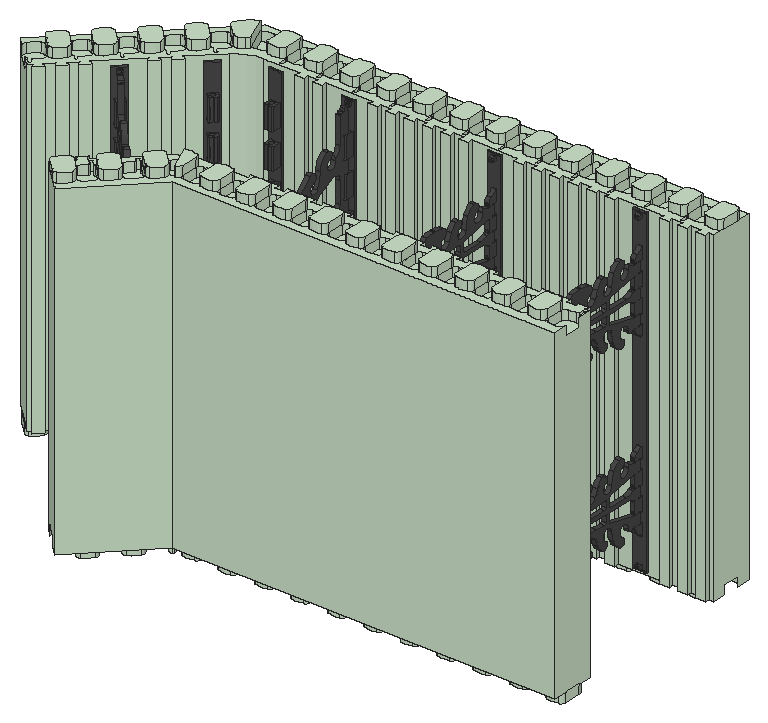
Revit family (continued)
Forms (in)
  Extrusion 49, void
    sketch origin (9.58579, -1, 0) x (-0.707107, -0.707107, 0) y (0.707107, -0.707107, 0)
      loop
        line (-1.57267, 7.19688) -> (-0.92131, 7.84824)
        arc (-0.92131, 7.84824) -> (-0.85114, 7.98608) -> (-0.87549, 8.13883) r 0.25
        arc (-0.87549, 8.13883) -> (-1.07021, 8.40645) -> (-1.33783, 8.60117) r 1.0625
    from 0 to 0.5
  Extrusion 50, void
    sketch origin (11.58579, -1, 0) x (-0.707107, -0.707107, 0) y (0.707107, -0.707107, 0)
      loop
        arc (-1.33783, 8.60117) -> (-1.49058, 8.62552) -> (-1.62842, 8.55535) r 0.25
        line (-1.62842, 8.55535) -> (-2.27978, 7.90399)
        arc (-2.27978, 7.90399) -> (-2.34995, 7.76615) -> (-2.32559, 7.6134) r 0.25
        arc (-2.32559, 7.6134) -> (-2.18471, 7.40379) -> (-1.99833, 7.23335) r 1.0625
        arc (-1.99833, 7.23335) -> (-1.97244, 7.18765) -> (-1.99053, 7.13835) r 0.0625
        line (-1.99053, 7.13835) -> (-2.14723, 6.98165) -> (-2.02643, 6.86086) -> (-1.78171, 7.10558)
        arc (-1.78171, 7.10558) -> (-1.76253, 7.11866) -> (-1.7399, 7.12384) r 0.0625
        arc (-1.7399, 7.12384) -> (-1.64938, 7.14456) -> (-1.57267, 7.19688) r 0.25
        line (-1.57267, 7.19688) -> (-0.92131, 7.84824)
        arc (-0.92131, 7.84824) -> (-0.85114, 7.98608) -> (-0.87549, 8.13883) r 0.25
        arc (-0.87549, 8.13883) -> (-1.07021, 8.40645) -> (-1.33783, 8.60117) r 1.0625
    from 0 to 0.5
  Extrusion 51, void
    sketch origin (13.58579, -1, 0) x (-0.707107, -0.707107, 0) y (0.707107, -0.707107, 0)
      loop
        arc (-1.33783, 8.60117) -> (-1.49058, 8.62552) -> (-1.62842, 8.55535) r 0.25
        line (-1.62842, 8.55535) -> (-2.27978, 7.90399)
        arc (-2.27978, 7.90399) -> (-2.34995, 7.76615) -> (-2.32559, 7.6134) r 0.25
        arc (-2.32559, 7.6134) -> (-2.18471, 7.40379) -> (-1.99833, 7.23335) r 1.0625
        arc (-1.99833, 7.23335) -> (-1.97244, 7.18765) -> (-1.99053, 7.13835) r 0.0625
        line (-1.99053, 7.13835) -> (-2.14723, 6.98165) -> (-2.02643, 6.86086) -> (-1.78171, 7.10558)
        arc (-1.78171, 7.10558) -> (-1.76253, 7.11866) -> (-1.7399, 7.12384) r 0.0625
        arc (-1.7399, 7.12384) -> (-1.64938, 7.14456) -> (-1.57267, 7.19688) r 0.25
        line (-1.57267, 7.19688) -> (-0.92131, 7.84824)
        arc (-0.92131, 7.84824) -> (-0.85114, 7.98608) -> (-0.87549, 8.13883) r 0.25
        arc (-0.87549, 8.13883) -> (-1.07021, 8.40645) -> (-1.33783, 8.60117) r 1.0625
    from 0 to 0.5
  Extrusion 52, void
    sketch origin (15.58579, -1, 0) x (-0.707107, -0.707107, 0) y (0.707107, -0.707107, 0)
      loop
        arc (-1.33783, 8.60117) -> (-1.49058, 8.62552) -> (-1.62842, 8.55535) r 0.25
        line (-1.62842, 8.55535) -> (-2.27978, 7.90399)
        arc (-2.27978, 7.90399) -> (-2.34995, 7.76615) -> (-2.32559, 7.6134) r 0.25
        arc (-2.32559, 7.6134) -> (-2.18471, 7.40379) -> (-1.99833, 7.23335) r 1.0625
        arc (-1.99833, 7.23335) -> (-1.97244, 7.18765) -> (-1.99053, 7.13835) r 0.0625
        line (-1.99053, 7.13835) -> (-2.14723, 6.98165) -> (-2.02643, 6.86086) -> (-1.78171, 7.10558)
        arc (-1.78171, 7.10558) -> (-1.76253, 7.11866) -> (-1.7399, 7.12384) r 0.0625
        arc (-1.7399, 7.12384) -> (-1.64938, 7.14456) -> (-1.57267, 7.19688) r 0.25
        line (-1.57267, 7.19688) -> (-0.92131, 7.84824)
        arc (-0.92131, 7.84824) -> (-0.85114, 7.98608) -> (-0.87549, 8.13883) r 0.25
        arc (-0.87549, 8.13883) -> (-1.07021, 8.40645) -> (-1.33783, 8.60117) r 1.0625
    from 0 to 0.5
  Extrusion 53, void
    sketch origin (29.98781, 1, 0) x (0.707107, 0.707107, 0) y (-0.707107, 0.707107, 0)
      loop
        arc (-1.33783, 8.60117) -> (-1.49058, 8.62552) -> (-1.62842, 8.55535) r 0.25
        line (-1.62842, 8.55535) -> (-2.27978, 7.90399)
        arc (-2.27978, 7.90399) -> (-2.34995, 7.76615) -> (-2.32559, 7.6134) r 0.25
        arc (-2.32559, 7.6134) -> (-2.18471, 7.40379) -> (-1.99833, 7.23335) r 1.0625
        arc (-1.99833, 7.23335) -> (-1.97244, 7.18765) -> (-1.99053, 7.13835) r 0.0625
        line (-1.99053, 7.13835) -> (-2.14723, 6.98165) -> (-2.02643, 6.86086) -> (-1.78171, 7.10558)
        arc (-1.78171, 7.10558) -> (-1.76253, 7.11866) -> (-1.7399, 7.12384) r 0.0625
        arc (-1.7399, 7.12384) -> (-1.64938, 7.14456) -> (-1.57267, 7.19688) r 0.25
        line (-1.57267, 7.19688) -> (-0.92131, 7.84824)
        arc (-0.92131, 7.84824) -> (-0.85114, 7.98608) -> (-0.87549, 8.13883) r 0.25
        arc (-0.87549, 8.13883) -> (-1.07021, 8.40645) -> (-1.33783, 8.60117) r 1.0625
    from 0 to 0.5
  Extrusion 54, void
    sketch origin (27.98781, 1, 0) x (0.707107, 0.707107, 0) y (-0.707107, 0.707107, 0)
      loop
        arc (-1.33783, 8.60117) -> (-1.49058, 8.62552) -> (-1.62842, 8.55535) r 0.25
        line (-1.62842, 8.55535) -> (-2.27978, 7.90399)
        arc (-2.27978, 7.90399) -> (-2.34995, 7.76615) -> (-2.32559, 7.6134) r 0.25
        arc (-2.32559, 7.6134) -> (-2.18471, 7.40379) -> (-1.99833, 7.23335) r 1.0625
        arc (-1.99833, 7.23335) -> (-1.97244, 7.18765) -> (-1.99053, 7.13835) r 0.0625
        line (-1.99053, 7.13835) -> (-2.14723, 6.98165) -> (-2.02643, 6.86086) -> (-1.78171, 7.10558)
        arc (-1.78171, 7.10558) -> (-1.76253, 7.11866) -> (-1.7399, 7.12384) r 0.0625
        arc (-1.7399, 7.12384) -> (-1.64938, 7.14456) -> (-1.57267, 7.19688) r 0.25
        line (-1.57267, 7.19688) -> (-0.92131, 7.84824)
        arc (-0.92131, 7.84824) -> (-0.85114, 7.98608) -> (-0.87549, 8.13883) r 0.25
        arc (-0.87549, 8.13883) -> (-1.07021, 8.40645) -> (-1.33783, 8.60117) r 1.0625
    from 0 to 0.5
  Extrusion 55, void
    sketch origin (25.98781, 1, 0) x (0.707107, 0.707107, 0) y (-0.707107, 0.707107, 0)
      loop
        arc (-1.33783, 8.60117) -> (-1.49058, 8.62552) -> (-1.62842, 8.55535) r 0.25
        line (-1.62842, 8.55535) -> (-2.27978, 7.90399)
        arc (-2.27978, 7.90399) -> (-2.34995, 7.76615) -> (-2.32559, 7.6134) r 0.25
        arc (-2.32559, 7.6134) -> (-2.18471, 7.40379) -> (-1.99833, 7.23335) r 1.0625
        arc (-1.99833, 7.23335) -> (-1.97244, 7.18765) -> (-1.99053, 7.13835) r 0.0625
        line (-1.99053, 7.13835) -> (-2.14723, 6.98165) -> (-2.02643, 6.86086) -> (-1.78171, 7.10558)
        arc (-1.78171, 7.10558) -> (-1.76253, 7.11866) -> (-1.7399, 7.12384) r 0.0625
        arc (-1.7399, 7.12384) -> (-1.64938, 7.14456) -> (-1.57267, 7.19688) r 0.25
        line (-1.57267, 7.19688) -> (-0.92131, 7.84824)
        arc (-0.92131, 7.84824) -> (-0.85114, 7.98608) -> (-0.87549, 8.13883) r 0.25
        arc (-0.87549, 8.13883) -> (-1.07021, 8.40645) -> (-1.33783, 8.60117) r 1.0625
    from 0 to 0.5
  Extrusion 56, void
    sketch origin (23.98781, 1, 0) x (0.707107, 0.707107, 0) y (-0.707107, 0.707107, 0)
      loop
        arc (-1.33783, 8.60117) -> (-1.49058, 8.62552) -> (-1.62842, 8.55535) r 0.25
        line (-1.62842, 8.55535) -> (-2.27978, 7.90399)
        arc (-2.27978, 7.90399) -> (-2.34995, 7.76615) -> (-2.32559, 7.6134) r 0.25
        arc (-2.32559, 7.6134) -> (-2.18471, 7.40379) -> (-1.99833, 7.23335) r 1.0625
        arc (-1.99833, 7.23335) -> (-1.97244, 7.18765) -> (-1.99053, 7.13835) r 0.0625
        line (-1.99053, 7.13835) -> (-2.14723, 6.98165) -> (-2.02643, 6.86086) -> (-1.78171, 7.10558)
        arc (-1.78171, 7.10558) -> (-1.76253, 7.11866) -> (-1.7399, 7.12384) r 0.0625
        arc (-1.7399, 7.12384) -> (-1.64938, 7.14456) -> (-1.57267, 7.19688) r 0.25
        line (-1.57267, 7.19688) -> (-0.92131, 7.84824)
        arc (-0.92131, 7.84824) -> (-0.85114, 7.98608) -> (-0.87549, 8.13883) r 0.25
        arc (-0.87549, 8.13883) -> (-1.07021, 8.40645) -> (-1.33783, 8.60117) r 1.0625
    from 0 to 0.5
  Extrusion 57, void
    sketch origin (21.98781, 1, 0) x (0.707107, 0.707107, 0) y (-0.707107, 0.707107, 0)
      loop
        arc (-1.33783, 8.60117) -> (-1.49058, 8.62552) -> (-1.62842, 8.55535) r 0.25
        line (-1.62842, 8.55535) -> (-2.27978, 7.90399)
        arc (-2.27978, 7.90399) -> (-2.34995, 7.76615) -> (-2.32559, 7.6134) r 0.25
        arc (-2.32559, 7.6134) -> (-2.18471, 7.40379) -> (-1.99833, 7.23335) r 1.0625
        arc (-1.99833, 7.23335) -> (-1.97244, 7.18765) -> (-1.99053, 7.13835) r 0.0625
        line (-1.99053, 7.13835) -> (-2.14723, 6.98165) -> (-2.02643, 6.86086) -> (-1.78171, 7.10558)
        arc (-1.78171, 7.10558) -> (-1.76253, 7.11866) -> (-1.7399, 7.12384) r 0.0625
        arc (-1.7399, 7.12384) -> (-1.64938, 7.14456) -> (-1.57267, 7.19688) r 0.25
        line (-1.57267, 7.19688) -> (-0.92131, 7.84824)
        arc (-0.92131, 7.84824) -> (-0.85114, 7.98608) -> (-0.87549, 8.13883) r 0.25
        arc (-0.87549, 8.13883) -> (-1.07021, 8.40645) -> (-1.33783, 8.60117) r 1.0625
    from 0 to 0.5
  Extrusion 58, void
    sketch origin (19.98781, 1, 0) x (0.707107, 0.707107, 0) y (-0.707107, 0.707107, 0)
      loop
        arc (-1.33783, 8.60117) -> (-1.49058, 8.62552) -> (-1.62842, 8.55535) r 0.25
        line (-1.62842, 8.55535) -> (-2.27978, 7.90399)
        arc (-2.27978, 7.90399) -> (-2.34995, 7.76615) -> (-2.32559, 7.6134) r 0.25
        arc (-2.32559, 7.6134) -> (-2.18471, 7.40379) -> (-1.99833, 7.23335) r 1.0625
        arc (-1.99833, 7.23335) -> (-1.97244, 7.18765) -> (-1.99053, 7.13835) r 0.0625
        line (-1.99053, 7.13835) -> (-2.14723, 6.98165) -> (-2.02643, 6.86086) -> (-1.78171, 7.10558)
        arc (-1.78171, 7.10558) -> (-1.76253, 7.11866) -> (-1.7399, 7.12384) r 0.0625
        arc (-1.7399, 7.12384) -> (-1.64938, 7.14456) -> (-1.57267, 7.19688) r 0.25
        line (-1.57267, 7.19688) -> (-0.92131, 7.84824)
        arc (-0.92131, 7.84824) -> (-0.85114, 7.98608) -> (-0.87549, 8.13883) r 0.25
        arc (-0.87549, 8.13883) -> (-1.07021, 8.40645) -> (-1.33783, 8.60117) r 1.0625
    from 0 to 0.5
  Extrusion 59, void
    sketch origin (17.98781, 1, 0) x (0.707107, 0.707107, 0) y (-0.707107, 0.707107, 0)
      loop
        arc (-1.33783, 8.60117) -> (-1.49058, 8.62552) -> (-1.62842, 8.55535) r 0.25
        line (-1.62842, 8.55535) -> (-2.27978, 7.90399)
        arc (-2.27978, 7.90399) -> (-2.34995, 7.76615) -> (-2.32559, 7.6134) r 0.25
        arc (-2.32559, 7.6134) -> (-2.18471, 7.40379) -> (-1.99833, 7.23335) r 1.0625
        arc (-1.99833, 7.23335) -> (-1.97244, 7.18765) -> (-1.99053, 7.13835) r 0.0625
        line (-1.99053, 7.13835) -> (-2.14723, 6.98165) -> (-2.02643, 6.86086) -> (-1.78171, 7.10558)
        arc (-1.78171, 7.10558) -> (-1.76253, 7.11866) -> (-1.7399, 7.12384) r 0.0625
        arc (-1.7399, 7.12384) -> (-1.64938, 7.14456) -> (-1.57267, 7.19688) r 0.25
        line (-1.57267, 7.19688) -> (-0.92131, 7.84824)
        arc (-0.92131, 7.84824) -> (-0.85114, 7.98608) -> (-0.87549, 8.13883) r 0.25
        arc (-0.87549, 8.13883) -> (-1.07021, 8.40645) -> (-1.33783, 8.60117) r 1.0625
    from 0 to 0.5
  Extrusion 60, void
    sketch origin (15.98781, 1, 0) x (0.707107, 0.707107, 0) y (-0.707107, 0.707107, 0)
      loop
        arc (-1.33783, 8.60117) -> (-1.49058, 8.62552) -> (-1.62842, 8.55535) r 0.25
        line (-1.62842, 8.55535) -> (-2.27978, 7.90399)
        arc (-2.27978, 7.90399) -> (-2.34995, 7.76615) -> (-2.32559, 7.6134) r 0.25
        arc (-2.32559, 7.6134) -> (-2.18471, 7.40379) -> (-1.99833, 7.23335) r 1.0625
        arc (-1.99833, 7.23335) -> (-1.97244, 7.18765) -> (-1.99053, 7.13835) r 0.0625
        line (-1.99053, 7.13835) -> (-2.14723, 6.98165) -> (-2.02643, 6.86086) -> (-1.78171, 7.10558)
        arc (-1.78171, 7.10558) -> (-1.76253, 7.11866) -> (-1.7399, 7.12384) r 0.0625
        arc (-1.7399, 7.12384) -> (-1.64938, 7.14456) -> (-1.57267, 7.19688) r 0.25
        line (-1.57267, 7.19688) -> (-0.92131, 7.84824)
        arc (-0.92131, 7.84824) -> (-0.85114, 7.98608) -> (-0.87549, 8.13883) r 0.25
        arc (-0.87549, 8.13883) -> (-1.07021, 8.40645) -> (-1.33783, 8.60117) r 1.0625
    from 0 to 0.5
  Extrusion 61, void
    sketch origin (13.98781, 1, 0) x (0.707107, 0.707107, 0) y (-0.707107, 0.707107, 0)
      loop
        arc (-1.33783, 8.60117) -> (-1.49058, 8.62552) -> (-1.62842, 8.55535) r 0.25
        line (-1.62842, 8.55535) -> (-2.27978, 7.90399)
        arc (-2.27978, 7.90399) -> (-2.34995, 7.76615) -> (-2.32559, 7.6134) r 0.25
        arc (-2.32559, 7.6134) -> (-2.18471, 7.40379) -> (-1.99833, 7.23335) r 1.0625
        arc (-1.99833, 7.23335) -> (-1.97244, 7.18765) -> (-1.99053, 7.13835) r 0.0625
        line (-1.99053, 7.13835) -> (-2.14723, 6.98165) -> (-2.02643, 6.86086) -> (-1.78171, 7.10558)
        arc (-1.78171, 7.10558) -> (-1.76253, 7.11866) -> (-1.7399, 7.12384) r 0.0625
        arc (-1.7399, 7.12384) -> (-1.64938, 7.14456) -> (-1.57267, 7.19688) r 0.25
        line (-1.57267, 7.19688) -> (-0.92131, 7.84824)
        arc (-0.92131, 7.84824) -> (-0.85114, 7.98608) -> (-0.87549, 8.13883) r 0.25
        arc (-0.87549, 8.13883) -> (-1.07021, 8.40645) -> (-1.33783, 8.60117) r 1.0625
    from 0 to 0.5
  Extrusion 62, void
    sketch origin (11.98781, 1, 0) x (0.707107, 0.707107, 0) y (-0.707107, 0.707107, 0)
      loop
        arc (-1.33783, 8.60117) -> (-1.49058, 8.62552) -> (-1.62842, 8.55535) r 0.25
        line (-1.62842, 8.55535) -> (-2.27978, 7.90399)
        arc (-2.27978, 7.90399) -> (-2.34995, 7.76615) -> (-2.32559, 7.6134) r 0.25
        arc (-2.32559, 7.6134) -> (-2.18471, 7.40379) -> (-1.99833, 7.23335) r 1.0625
        arc (-1.99833, 7.23335) -> (-1.97244, 7.18765) -> (-1.99053, 7.13835) r 0.0625
        line (-1.99053, 7.13835) -> (-2.14723, 6.98165) -> (-2.02643, 6.86086) -> (-1.78171, 7.10558)
        arc (-1.78171, 7.10558) -> (-1.76253, 7.11866) -> (-1.7399, 7.12384) r 0.0625
        arc (-1.7399, 7.12384) -> (-1.64938, 7.14456) -> (-1.57267, 7.19688) r 0.25
        line (-1.57267, 7.19688) -> (-0.92131, 7.84824)
        arc (-0.92131, 7.84824) -> (-0.85114, 7.98608) -> (-0.87549, 8.13883) r 0.25
        arc (-0.87549, 8.13883) -> (-1.07021, 8.40645) -> (-1.33783, 8.60117) r 1.0625
    from 0 to 0.5
  Extrusion 63, void
    sketch origin (9.98781, 1, 0) x (0.707107, 0.707107, 0) y (-0.707107, 0.707107, 0)
      loop
        arc (-1.33783, 8.60117) -> (-1.49058, 8.62552) -> (-1.62842, 8.55535) r 0.25
        line (-1.62842, 8.55535) -> (-2.27978, 7.90399)
        arc (-2.27978, 7.90399) -> (-2.34995, 7.76615) -> (-2.32559, 7.6134) r 0.25
        arc (-2.32559, 7.6134) -> (-2.18471, 7.40379) -> (-1.99833, 7.23335) r 1.0625
        arc (-1.99833, 7.23335) -> (-1.97244, 7.18765) -> (-1.99053, 7.13835) r 0.0625
        line (-1.99053, 7.13835) -> (-2.14723, 6.98165) -> (-2.02643, 6.86086) -> (-1.78171, 7.10558)
        arc (-1.78171, 7.10558) -> (-1.76253, 7.11866) -> (-1.7399, 7.12384) r 0.0625
        arc (-1.7399, 7.12384) -> (-1.64938, 7.14456) -> (-1.57267, 7.19688) r 0.25
        line (-1.57267, 7.19688) -> (-0.92131, 7.84824)
        arc (-0.92131, 7.84824) -> (-0.85114, 7.98608) -> (-0.87549, 8.13883) r 0.25
        arc (-0.87549, 8.13883) -> (-1.07021, 8.40645) -> (-1.33783, 8.60117) r 1.0625
    from 0 to 0.5
  Extrusion 64, void
    sketch origin (7.98781, 1, 0) x (0.707107, 0.707107, 0) y (-0.707107, 0.707107, 0)
      loop
        arc (-1.33783, 8.60117) -> (-1.49058, 8.62552) -> (-1.62842, 8.55535) r 0.25
        line (-1.62842, 8.55535) -> (-2.27978, 7.90399)
        arc (-2.27978, 7.90399) -> (-2.34995, 7.76615) -> (-2.32559, 7.6134) r 0.25
        arc (-2.32559, 7.6134) -> (-2.18471, 7.40379) -> (-1.99833, 7.23335) r 1.0625
        arc (-1.99833, 7.23335) -> (-1.97244, 7.18765) -> (-1.99053, 7.13835) r 0.0625
        line (-1.99053, 7.13835) -> (-2.14723, 6.98165) -> (-2.02643, 6.86086) -> (-1.78171, 7.10558)
        arc (-1.78171, 7.10558) -> (-1.76253, 7.11866) -> (-1.7399, 7.12384) r 0.0625
        arc (-1.7399, 7.12384) -> (-1.64938, 7.14456) -> (-1.57267, 7.19688) r 0.25
        line (-1.57267, 7.19688) -> (-0.92131, 7.84824)
        arc (-0.92131, 7.84824) -> (-0.85114, 7.98608) -> (-0.87549, 8.13883) r 0.25
        arc (-0.87549, 8.13883) -> (-1.07021, 8.40645) -> (-1.33783, 8.60117) r 1.0625
    from 0 to 0.5
  Extrusion 65, void
    sketch origin (5.98781, 1, 0) x (0.707107, 0.707107, 0) y (-0.707107, 0.707107, 0)
      loop
        arc (-1.33783, 8.60117) -> (-1.49058, 8.62552) -> (-1.62842, 8.55535) r 0.25
        line (-1.62842, 8.55535) -> (-2.27978, 7.90399)
        arc (-2.27978, 7.90399) -> (-2.34995, 7.76615) -> (-2.32559, 7.6134) r 0.25
        arc (-2.32559, 7.6134) -> (-2.18471, 7.40379) -> (-1.99833, 7.23335) r 1.0625
        arc (-1.99833, 7.23335) -> (-1.97244, 7.18765) -> (-1.99053, 7.13835) r 0.0625
        line (-1.99053, 7.13835) -> (-2.14723, 6.98165) -> (-2.02643, 6.86086) -> (-1.78171, 7.10558)
        arc (-1.78171, 7.10558) -> (-1.76253, 7.11866) -> (-1.7399, 7.12384) r 0.0625
        arc (-1.7399, 7.12384) -> (-1.64938, 7.14456) -> (-1.57267, 7.19688) r 0.25
        line (-1.57267, 7.19688) -> (-0.92131, 7.84824)
        arc (-0.92131, 7.84824) -> (-0.85114, 7.98608) -> (-0.87549, 8.13883) r 0.25
        arc (-0.87549, 8.13883) -> (-1.07021, 8.40645) -> (-1.33783, 8.60117) r 1.0625
    from 0 to 0.5
  Extrusion 66, void
    sketch origin (3.82843, 5.24264, 0) x (0, 1, 0) y (-1, 0, 0)
      loop
        arc (-1.33783, 8.60117) -> (-1.49058, 8.62552) -> (-1.62842, 8.55535) r 0.25
        line (-1.62842, 8.55535) -> (-2.27978, 7.90399)
        arc (-2.27978, 7.90399) -> (-2.34995, 7.76615) -> (-2.32559, 7.6134) r 0.25
        arc (-2.32559, 7.6134) -> (-2.18471, 7.40379) -> (-1.99833, 7.23335) r 1.0625
        arc (-1.99833, 7.23335) -> (-1.97244, 7.18765) -> (-1.99053, 7.13835) r 0.0625
        line (-1.99053, 7.13835) -> (-2.14723, 6.98165) -> (-2.02643, 6.86086) -> (-1.78171, 7.10558)
        arc (-1.78171, 7.10558) -> (-1.76253, 7.11866) -> (-1.7399, 7.12384) r 0.0625
        arc (-1.7399, 7.12384) -> (-1.64938, 7.14456) -> (-1.57267, 7.19688) r 0.25
        line (-1.57267, 7.19688) -> (-0.92131, 7.84824)
        arc (-0.92131, 7.84824) -> (-0.85114, 7.98608) -> (-0.87549, 8.13883) r 0.25
        arc (-0.87549, 8.13883) -> (-1.07021, 8.40645) -> (-1.33783, 8.60117) r 1.0625
    from 0 to 0.5
  Extrusion 67, void
    sketch origin (2.41421, 3.82843, 0) x (0, 1, 0) y (-1, 0, 0)
      loop
        arc (-1.33783, 8.60117) -> (-1.49058, 8.62552) -> (-1.62842, 8.55535) r 0.25
        line (-1.62842, 8.55535) -> (-2.27978, 7.90399)
        arc (-2.27978, 7.90399) -> (-2.34995, 7.76615) -> (-2.32559, 7.6134) r 0.25
        arc (-2.32559, 7.6134) -> (-2.18471, 7.40379) -> (-1.99833, 7.23335) r 1.0625
        arc (-1.99833, 7.23335) -> (-1.97244, 7.18765) -> (-1.99053, 7.13835) r 0.0625
        line (-1.99053, 7.13835) -> (-2.14723, 6.98165) -> (-2.02643, 6.86086) -> (-1.78171, 7.10558)
        arc (-1.78171, 7.10558) -> (-1.76253, 7.11866) -> (-1.7399, 7.12384) r 0.0625
        arc (-1.7399, 7.12384) -> (-1.64938, 7.14456) -> (-1.57267, 7.19688) r 0.25
        line (-1.57267, 7.19688) -> (-0.92131, 7.84824)
        arc (-0.92131, 7.84824) -> (-0.85114, 7.98608) -> (-0.87549, 8.13883) r 0.25
        arc (-0.87549, 8.13883) -> (-1.07021, 8.40645) -> (-1.33783, 8.60117) r 1.0625
    from 0 to 0.5
  Extrusion 68, void
    sketch origin (1, 2.41421, 0) x (0, 1, 0) y (-1, 0, 0)
      loop
        arc (-1.33783, 8.60117) -> (-1.49058, 8.62552) -> (-1.62842, 8.55535) r 0.25
        line (-1.62842, 8.55535) -> (-2.27978, 7.90399)
        arc (-2.27978, 7.90399) -> (-2.34995, 7.76615) -> (-2.32559, 7.6134) r 0.25
        arc (-2.32559, 7.6134) -> (-2.18471, 7.40379) -> (-1.99833, 7.23335) r 1.0625
        arc (-1.99833, 7.23335) -> (-1.97244, 7.18765) -> (-1.99053, 7.13835) r 0.0625
        line (-1.99053, 7.13835) -> (-2.14723, 6.98165) -> (-2.02643, 6.86086) -> (-1.78171, 7.10558)
        arc (-1.78171, 7.10558) -> (-1.76253, 7.11866) -> (-1.7399, 7.12384) r 0.0625
        arc (-1.7399, 7.12384) -> (-1.64938, 7.14456) -> (-1.57267, 7.19688) r 0.25
        line (-1.57267, 7.19688) -> (-0.92131, 7.84824)
        arc (-0.92131, 7.84824) -> (-0.85114, 7.98608) -> (-0.87549, 8.13883) r 0.25
        arc (-0.87549, 8.13883) -> (-1.07021, 8.40645) -> (-1.33783, 8.60117) r 1.0625
    from 0 to 0.5
  Extrusion 69, void
    sketch origin (-0.41421, 1, 0) x (0, 1, 0) y (-1, 0, 0)
      loop
        arc (-1.33783, 8.60117) -> (-1.49058, 8.62552) -> (-1.62842, 8.55535) r 0.25
        line (-1.62842, 8.55535) -> (-2.27978, 7.90399)
        arc (-2.27978, 7.90399) -> (-2.34995, 7.76615) -> (-2.32559, 7.6134) r 0.25
        arc (-2.32559, 7.6134) -> (-2.18471, 7.40379) -> (-1.99833, 7.23335) r 1.0625
        arc (-1.99833, 7.23335) -> (-1.97244, 7.18765) -> (-1.99053, 7.13835) r 0.0625
        line (-1.99053, 7.13835) -> (-2.14723, 6.98165) -> (-2.02643, 6.86086) -> (-1.78171, 7.10558)
        arc (-1.78171, 7.10558) -> (-1.76253, 7.11866) -> (-1.7399, 7.12384) r 0.0625
        arc (-1.7399, 7.12384) -> (-1.64938, 7.14456) -> (-1.57267, 7.19688) r 0.25
        line (-1.57267, 7.19688) -> (-0.92131, 7.84824)
        arc (-0.92131, 7.84824) -> (-0.85114, 7.98608) -> (-0.87549, 8.13883) r 0.25
        arc (-0.87549, 8.13883) -> (-1.07021, 8.40645) -> (-1.33783, 8.60117) r 1.0625
    from 0 to 0.5
Cuts and joins
  Extrusion 6, Extrusion 7, Extrusion 8, Extrusion 9, Extrusion 10, Extrusion 11, Extrusion 12, Extrusion 13, Extrusion 14, Extrusion 15, Extrusion 16, Extrusion 17, Extrusion 18, Extrusion 19, Extrusion 20, Extrusion 21, Extrusion 22, Extrusion 23, Extrusion 24, Extrusion 25, Extrusion 26, Extrusion 27, Extrusion 28, Extrusion 29, Extrusion 30, Extrusion 31, Extrusion 32, Extrusion 33, Extrusion 34, Extrusion 35, Extrusion 36, Extrusion 37, Extrusion 38, Extrusion 39, Extrusion 40, Extrusion 41, Extrusion 42, Extrusion 43, Extrusion 44, Extrusion 45, Extrusion 46, Extrusion 47, Extrusion 48, Extrusion 49, Extrusion 50, Extrusion 51, Extrusion 52, Extrusion 53, Extrusion 54, Extrusion 55, Extrusion 56, Extrusion 57, Extrusion 58, Extrusion 59, Extrusion 60, Extrusion 61, Extrusion 62, Extrusion 63, Extrusion 64, Extrusion 65, Extrusion 66, Extrusion 67, Extrusion 68, Extrusion 69 cuts Extrusion 1
  Extrusion 9, Extrusion 36 cuts Extrusion 2
  Extrusion 35, Extrusion 37 cuts Extrusion 3
  Extrusion 38, Extrusion 43 cuts Extrusion 5
  Extrusion 39, Extrusion 65, Extrusion 66 cuts Extrusion 4
Lines and regions (in)
  model lines
    curve 1: line (7.7868, 6.625, 18) -> (7.7868, 6.625, 0)
Dimensions and locks (in)
  locked: plane 5 to plane 4 at 8
  locked: plane 8 to plane 6 at 8
  locked: level to plane 9 at 18
  aligned and locked: plane 9 to Extrusion 1
  aligned and locked: Extrusion 1 to plane 9  (x3)
  aligned and locked: Extrusion 1 to level
  aligned and locked: plane 2 to level
  aligned and locked: level to Extrusion 1  (x2)
  aligned and locked: nested 68 to cut or joined group 1 (Extrusion 1, Extrusion 6, Extrusion 7, Extrusion 8, Extrusion 9, Extrusion 10, Extrusion 11, Extrusion 12, Extrusion 13, Extrusion 14, Extrusion 15, Extrusion 16, Extrusion 17, Extrusion 18, Extrusion 19, Extrusion 20, Extrusion 21, Extrusion 22, Extrusion 23, Extrusion 24, Extrusion 25, Extrusion 26, Extrusion 27, Extrusion 28, Extrusion 29, Extrusion 30, Extrusion 31, Extrusion 32, Extrusion 33, Extrusion 34, Extrusion 35, Extrusion 36, Extrusion 37, Extrusion 38, Extrusion 39, Extrusion 40, Extrusion 41, Extrusion 42, Extrusion 43, Extrusion 44, Extrusion 45, Extrusion 46, Extrusion 47, Extrusion 48, Extrusion 49, Extrusion 50, Extrusion 51, Extrusion 52, Extrusion 53, Extrusion 54, Extrusion 55, Extrusion 56, Extrusion 57, Extrusion 58, Extrusion 59, Extrusion 60, Extrusion 61, Extrusion 62, Extrusion 63, Extrusion 64, Extrusion 65, Extrusion 66, Extrusion 67, Extrusion 68, Extrusion 69)
  aligned and locked: cut or joined group 1 to nested 69
  aligned and locked: cut or joined group 1 to nested 70
  aligned and locked: nested 71 to nested 67
  aligned and locked: nested 72 to cut or joined group 1
  aligned and locked: Extrusion 36 sketch curve to cut or joined group of Extrusion 2, Extrusion 9, Extrusion 36
  aligned and locked: Extrusion 5 sketch curve to cut or joined group of Extrusion 2, Extrusion 9, Extrusion 36
  aligned and locked: Extrusion 38 sketch curve to cut or joined group of Extrusion 2, Extrusion 9, Extrusion 36
  aligned and locked: nested 64 to nested 68
  aligned and locked: nested 69 to nested 66
  aligned and locked: nested 67 to cut or joined group 1
  aligned and locked: nested 62 to cut or joined group 1
  aligned and locked: nested 61 to cut or joined group 1
  aligned and locked: cut or joined group 1 to nested 65
  aligned and locked: cut or joined group 1 to nested 73
  aligned and locked: nested 76 to cut or joined group 1
  aligned and locked: nested 63 to cut or joined group 1
Nested families (in)
  nested 1: "Interlock Tooth" at (21.7868, -1, 0), type "Interlock Tooth"
  nested 2: "Interlock Tooth" at (19.7868, -1, 0), type "Interlock Tooth"
  nested 3: "Interlock Tooth" at (17.7868, -1, 0), type "Interlock Tooth"
  nested 4: "Interlock Tooth" at (15.7868, -1, 0), type "Interlock Tooth"
  nested 5: "Interlock Tooth" at (13.7868, -1, 0), type "Interlock Tooth"
  nested 6: "Interlock Tooth" at (11.7868, -1, 0), type "Interlock Tooth"
  nested 7: "Interlock Tooth" at (9.7868, -1, 0), type "Interlock Tooth"
  nested 8: "Interlock Tooth" at (7.7868, -1, 0), type "Interlock Tooth"
  nested 9: "Interlock Tooth" at (5.7868, -1, 0), type "Interlock Tooth"
  nested 10: "Interlock Tooth" at (3.7868, -1, 0), type "Interlock Tooth"
  nested 11: "Interlock Tooth" at (-1.97056, -3.38478, 0) x (0.7071, 0.7071, 0) z (0, 0, 1), type "Interlock Tooth"
  nested 12: "Interlock Tooth" at (-3.38478, -4.79899, 0) x (0.7071, 0.7071, 0) z (0, 0, 1), type "Interlock Tooth"
  nested 13: "Interlock Tooth" at (-4.79899, -6.2132, 0) x (0.7071, 0.7071, 0) z (0, 0, 1), type "Interlock Tooth"
  nested 14: "Interlock Tooth" at (22.7868, 1, 0), type "Interlock Tooth"
  nested 15: "Interlock Tooth" at (20.7868, 1, 0), type "Interlock Tooth"
  nested 16: "Interlock Tooth" at (18.7868, 1, 0), type "Interlock Tooth"
  nested 17: "Interlock Tooth" at (16.7868, 1, 0), type "Interlock Tooth"
  nested 18: "Interlock Tooth" at (14.7868, 1, 0), type "Interlock Tooth"
  nested 19: "Interlock Tooth" at (12.7868, 1, 0), type "Interlock Tooth"
  nested 20: "Interlock Tooth" at (10.7868, 1, 0), type "Interlock Tooth"
  nested 21: "Interlock Tooth" at (8.7868, 1, 0), type "Interlock Tooth"
  nested 22: "Interlock Tooth" at (6.7868, 1, 0), type "Interlock Tooth"
  nested 23: "Interlock Tooth" at (4.7868, 1, 0), type "Interlock Tooth"
  nested 24: "Interlock Tooth" at (2.7868, 1, 0), type "Interlock Tooth"
  nested 25: "Interlock Tooth" at (0.7868, 1, 0), type "Interlock Tooth"
  nested 26: "Interlock Tooth" at (-1.2132, 1, 0), type "Interlock Tooth"
  nested 27: "Interlock Tooth" at (-1.26346, 0.15076, 0) x (0.7071, 0.7071, 0) z (0, 0, 1), type "Interlock Tooth"
  nested 28: "Interlock Tooth" at (-2.67767, -1.26346, 0) x (0.7071, 0.7071, 0) z (0, 0, 1), type "Interlock Tooth"
  nested 29: "Interlock Tooth" at (-4.09188, -2.67767, 0) x (0.7071, 0.7071, 0) z (0, 0, 1), type "Interlock Tooth"
  nested 30: "Interlock Tooth" at (-5.5061, -4.09188, 0) x (0.7071, 0.7071, 0) z (0, 0, 1), type "Interlock Tooth"
  nested 31: "Interlock Tooth" at (-4.09188, -5.5061, -18.5) x (0.7071, 0.7071, 0) z (0, 0, 1), type "Interlock Tooth"
  nested 32: "Interlock Tooth" at (-2.67767, -4.09188, -18.5) x (0.7071, 0.7071, 0) z (0, 0, 1), type "Interlock Tooth"
  nested 33: "Interlock Tooth" at (-12.48878, 1.47658, -18.5) x (0.7071, 0.7071, 0) z (0, 0, 1), type "Interlock Tooth"
  nested 34: "Interlock Tooth" at (-11.07456, 2.8908, -18.5) x (0.7071, 0.7071, 0) z (0, 0, 1), type "Interlock Tooth"
  nested 35: "Interlock Tooth" at (-9.66035, 4.30501, -18.5) x (0.7071, 0.7071, 0) z (0, 0, 1), type "Interlock Tooth"
  nested 36: "Interlock Tooth" at (-8.24614, 5.71922, -18.5) x (0.7071, 0.7071, 0) z (0, 0, 1), type "Interlock Tooth"
  nested 37: "Interlock Tooth" at (-6.83192, 7.13344, -18.5) x (0.7071, 0.7071, 0) z (0, 0, 1), type "Interlock Tooth"
  nested 38: "Interlock Tooth" at (0.7868, 1, -18.5) x (-1, 0, 0) z (0, 0, 1), type "Interlock Tooth"
  nested 39: "Interlock Tooth" at (2.7868, 1, -18.5) x (-1, 0, 0) z (0, 0, 1), type "Interlock Tooth"
  nested 40: "Interlock Tooth" at (4.7868, 1, -18.5) x (-1, 0, 0) z (0, 0, 1), type "Interlock Tooth"
  nested 41: "Interlock Tooth" at (6.7868, 1, -18.5) x (-1, 0, 0) z (0, 0, 1), type "Interlock Tooth"
  nested 42: "Interlock Tooth" at (8.7868, 1, -18.5) x (-1, 0, 0) z (0, 0, 1), type "Interlock Tooth"
  nested 43: "Interlock Tooth" at (10.7868, 1, -18.5) x (-1, 0, 0) z (0, 0, 1), type "Interlock Tooth"
  nested 44: "Interlock Tooth" at (12.7868, 1, -18.5) x (-1, 0, 0) z (0, 0, 1), type "Interlock Tooth"
  nested 45: "Interlock Tooth" at (14.7868, 1, -18.5) x (-1, 0, 0) z (0, 0, 1), type "Interlock Tooth"
  nested 46: "Interlock Tooth" at (16.7868, 1, -18.5) x (-1, 0, 0) z (0, 0, 1), type "Interlock Tooth"
  nested 47: "Interlock Tooth" at (18.7868, 1, -18.5) x (-1, 0, 0) z (0, 0, 1), type "Interlock Tooth"
  nested 48: "Interlock Tooth" at (20.7868, 1, -18.5) x (-1, 0, 0) z (0, 0, 1), type "Interlock Tooth"
  nested 49: "Interlock Tooth" at (22.7868, 1, -18.5) x (-1, 0, 0) z (0, 0, 1), type "Interlock Tooth"
  nested 50: "Interlock Tooth" at (23.7868, -1, -18.5) x (-1, 0, 0) z (0, 0, 1), type "Interlock Tooth"
  nested 51: "Interlock Tooth" at (21.7868, -1, -18.5) x (-1, 0, 0) z (0, 0, 1), type "Interlock Tooth"
  nested 52: "Interlock Tooth" at (19.7868, -1, -18.5) x (-1, 0, 0) z (0, 0, 1), type "Interlock Tooth"
  nested 53: "Interlock Tooth" at (17.7868, -1, -18.5) x (-1, 0, 0) z (0, 0, 1), type "Interlock Tooth"
  nested 54: "Interlock Tooth" at (15.7868, -1, -18.5) x (-1, 0, 0) z (0, 0, 1), type "Interlock Tooth"
  nested 55: "Interlock Tooth" at (13.7868, -1, -18.5) x (-1, 0, 0) z (0, 0, 1), type "Interlock Tooth"
  nested 56: "Interlock Tooth" at (11.7868, -1, -18.5) x (-1, 0, 0) z (0, 0, 1), type "Interlock Tooth"
  nested 57: "Interlock Tooth" at (9.7868, -1, -18.5) x (-1, 0, 0) z (0, 0, 1), type "Interlock Tooth"
  nested 58: "Interlock Tooth" at (7.7868, -1, -18.5) x (-1, 0, 0) z (0, 0, 1), type "Interlock Tooth"
  nested 59: "Interlock Tooth" at (5.7868, -1, -18.5) x (-1, 0, 0) z (0, 0, 1), type "Interlock Tooth"
  nested 60: "Interlock Tooth" at (3.7868, -1, -18.5) x (-1, 0, 0) z (0, 0, 1), type "Interlock Tooth"
  nested 61: "Capture Lugs" at (-0.2132, 1, 0) x (-1, 0, 0) z (0, 0, 1), type "Capture Lugs"
  nested 62: "Capture Lugs" at (-0.55635, 0.85786, 0) x (-0.7071, -0.7071, 0) z (0, 0, 1), type "Capture Lugs"
  nested 63: "NUDURA Diamond Pattern" at (15.7868, -1, 0), type "NUDURA Diamond Pattern"
  nested 64: "NUDURA Diamond Pattern" at (-0.2132, -1, 0), type "NUDURA Diamond Pattern"
  nested 65: "NUDURA Diamond Pattern" at (15.7868, 1, 0), type "NUDURA Diamond Pattern"
  nested 66: "NUDURA Diamond Pattern" at (7.7868, 1, 0), type "NUDURA Diamond Pattern"
  nested 67: "NUDURA Logo Diamond" at (1.12122, 10.49038, 0) x (-0.7071, -0.7071, 0) z (0, 0, 1), type "NUDURA Logo Diamond"
  nested 68: "NUDURA Logo Diamond" at (-0.21064, -6.625, 0), type "NUDURA Logo Diamond"
  nested 69: "NUDURA Logo Diamond Missing Outside Line" at (15.78423, 6.625, 0) x (-1, 0, 0) z (0, 0, 1), type "NUDURA Logo Diamond without Outside Line"
  nested 70: "NUDURA Diamond Pattern Missing Two Lines" at (-4.2132, 12.25, 0), type "NUDURA Diamond Pattern minus Two lines"
  nested 71: "NUDURA Diamond Pattern Missing Two Lines" at (2.27208, 3.68629, 0) x (-0.7071, -0.7071, 0) z (0, 0, 1), type "NUDURA Diamond Pattern minus Two lines"
  nested 72: "NUDURA Diamond Pattern Missing Two Lines" at (-4.79899, -6.2132, 0) x (0.7071, 0.7071, 0) z (0, 0, 1), type "NUDURA Diamond Pattern minus Two lines"
  nested 73: "8-inch Web" at (19.7868, 0, 0), type "8-inch Web"
  nested 74: "8-inch Web" at (11.7868, 0, 0), type "8-inch Web"
  nested 75: "8-inch Insert Web" at (-2.67767, -2.67767, 0) x (0.7071, 0.7071, 0) z (0, 0, 1), type "8-inch Insert Web"
  nested 76: "8-inch Insert Web" at (3.7868, 0, 0), type "8-inch Insert Web"
Definition of nested family "Interlock Tooth"
  Reference planes (in)
    plane 1 "Center (Front/Back)": y = 0
    plane 2: z = 0
    plane 3 "Center (Left/Right)": x = 0
    plane 4: z = 18
    plane 5: z = 18.5
    plane 6: z = -0.5
  Forms (in)
    Extrusion 1, solid, material "NUDURA Expanded Polystyrene Foam Insulation"
      sketch origin (0, -8.875, 0) x (1, 0, 0) y (0, 1, 0)
        loop
          arc (0, 3.97692) -> (0.04785, 3.82983) -> (0.17308, 3.73905) r 0.25
          arc (0.17308, 3.73905) -> (0.5, 3.6875) -> (0.82692, 3.73905) r 1.0625
          arc (0.82692, 3.73905) -> (0.95215, 3.82983) -> (1, 3.97692) r 0.25
          line (1, 3.97692) -> (1, 4.89808)
          arc (1, 4.89808) -> (0.95215, 5.04517) -> (0.82692, 5.13595) r 0.25
          arc (0.82692, 5.13595) -> (0.5, 5.1875) -> (0.17308, 5.13595) r 1.0625
          arc (0.17308, 5.13595) -> (0.04785, 5.04517) -> (0, 4.89808) r 0.25
          line (0, 4.89808) -> (0, 3.97692)
      from 18 to 18.5
  Dimensions and locks (in)
    locked: plane 4 to level at 18
    locked: plane 4 to plane 5 at 0.5
    locked: plane 6 to level at 0.5
Definition of nested family "Capture Lugs"
  Reference planes (in)
    plane 1 "Center (Front/Back)": y = 0
    plane 2: z = 0
    plane 3 "Center (Left/Right)": x = 0
  Forms (in)
    Extrusion 1, solid, material "High Density Polystyrene"
      sketch origin (0, 0, 0) x (0, 1, 0) y (0, 0, 1)
        loop
          arc (-3.25, 0) -> (-3.22112, 0.01975) -> (-3.21, 0.05292) r 0.055
          line (-3.21, 0.05292) -> (-3.21, 17.69292)
          arc (-3.21, 17.69292) -> (-3.22112, 17.72608) -> (-3.25, 17.74583) r 0.055
          line (-3.25, 17.74583) -> (-3.25, 0)
      from 0.36328 to -0.36328
    Extrusion 2, solid, material "High Density Polystyrene"
      sketch origin (0, 0, 0) x (0, 1, 0) y (0, 0, 1)
        loop
          line (-3.21, 16.17792) -> (-3.21, 14.97792) -> (-2.71, 14.97792) -> (-2.71, 16.17792) -> (-3.21, 16.17792)
        loop
          line (-3.21, 14.22792) -> (-3.21, 13.02792) -> (-2.71, 13.02792) -> (-2.71, 14.22792) -> (-3.21, 14.22792)
        loop
          line (-3.21, 12.27792) -> (-3.21, 11.07792) -> (-2.71, 11.07792) -> (-2.71, 12.27792) -> (-3.21, 12.27792)
        loop
          line (-3.21, 10.32792) -> (-3.21, 9.24792) -> (-2.71, 9.24792) -> (-2.71, 10.32792) -> (-3.21, 10.32792)
        loop
          line (-3.21, 8.49792) -> (-3.21, 7.41792) -> (-2.71, 7.41792) -> (-2.71, 8.49792) -> (-3.21, 8.49792)
        loop
          line (-3.21, 6.66792) -> (-3.21, 5.46792) -> (-2.71, 5.46792) -> (-2.71, 6.66792) -> (-3.21, 6.66792)
        loop
          line (-3.21, 4.71792) -> (-3.21, 3.51792) -> (-2.71, 3.51792) -> (-2.71, 4.71792) -> (-3.21, 4.71792)
        loop
          line (-3.21, 2.76792) -> (-3.21, 1.56792) -> (-2.71, 1.56792) -> (-2.71, 2.76792) -> (-3.21, 2.76792)
      from 0.25 to -0.25
    Extrusion 3, void
      sketch origin (0, 0, 0) x (1, 0, 0) y (0, 1, 0)
        loop
          arc (-0.25, -2.79249) -> (-0.22584, -2.73416) -> (-0.1675, -2.71) r 0.0825
          line (-0.1675, -2.71) -> (-0.25, -2.71) -> (-0.25, -2.79249)
      from 0 to 18
    Extrusion 4, void
      sketch origin (0, 0, 0) x (-1, 0, 0) y (0, -1, 0)
        loop
          line (-0.25, 2.79249) -> (-0.25, 2.71) -> (-0.1675, 2.71)
          arc (-0.1675, 2.71) -> (-0.22584, 2.73416) -> (-0.25, 2.79249) r 0.0825
      from 0 to 18
    Extrusion 5, void
      sketch origin (0, 0, 0) x (1, 0, 0) y (0, 1, 0)
        loop
          arc (-0.04687, -2.835) -> (0, -3.07587) -> (0.04688, -2.835) r 0.125
          line (0.04688, -2.835) -> (0.04688, -2.71) -> (-0.04687, -2.71) -> (-0.04687, -2.835)
      from 0 to 18
  Cuts and joins
    Extrusion 3, Extrusion 4 cuts Extrusion 1
    Extrusion 3, Extrusion 4, Extrusion 5 cuts Extrusion 2
Definition of nested family "8-inch Web"
  Reference planes (in)
    plane 1 "Center (Front/Back)": y = 0
    plane 2: z = 0
    plane 3 "Center (Left/Right)": x = 0
  Forms (in)
    Extrusion 1, solid, material "Polypropylene"
      sketch origin (0, 0, -0.5) x (0, 1, 0) y (0, 0, 1)
        loop
          arc (4.185, 0.98503) -> (4.17874, 0.9705) -> (4.16389, 0.96506) r 0.02
          line (4.16389, 0.96506) -> (4.00611, 0.97383)
          arc (4.00611, 0.97383) -> (3.99126, 0.96839) -> (3.985, 0.95386) r 0.02
          line (3.985, 0.95386) -> (3.985, 0.88265)
          arc (3.985, 0.88265) -> (3.98914, 0.86744) -> (4.00043, 0.85643) r 0.03
          line (4.00043, 0.85643) -> (4.16957, 0.76246)
          arc (4.16957, 0.76246) -> (4.18086, 0.75145) -> (4.185, 0.73624) r 0.03
          line (4.185, 0.73624) -> (4.185, 0.98503)
        loop
          line (-4.185, 0.98503) -> (-4.185, 0.73624)
          arc (-4.185, 0.73624) -> (-4.18086, 0.75145) -> (-4.16957, 0.76246) r 0.03
          line (-4.16957, 0.76246) -> (-4.00043, 0.85643)
          arc (-4.00043, 0.85643) -> (-3.98914, 0.86744) -> (-3.985, 0.88265) r 0.03
          line (-3.985, 0.88265) -> (-3.985, 0.95386)
          arc (-3.985, 0.95386) -> (-3.99126, 0.96839) -> (-4.00611, 0.97383) r 0.02
          line (-4.00611, 0.97383) -> (-4.16389, 0.96506)
          arc (-4.16389, 0.96506) -> (-4.17874, 0.9705) -> (-4.185, 0.98503) r 0.02
        loop
          line (4.02082, 15.41943) -> (4.02082, 15.9194) -> (3.91022, 15.9194) -> (3.91022, 15.98943) -> (4.15332, 15.98943)
          arc (4.15332, 15.98943) -> (4.16974, 15.98724) -> (4.185, 15.98081) r 0.0625
          line (4.185, 15.98081) -> (4.185, 16.6537)
          arc (4.185, 16.6537) -> (4.06705, 16.47067) -> (3.88249, 16.35513) r 0.5
          arc (3.88249, 16.35513) -> (3.7617, 16.26377) -> (3.71582, 16.11943) r 0.25
          line (3.71582, 16.11943) -> (3.71582, 16.05193)
          arc (3.71582, 16.05193) -> (3.73413, 16.00774) -> (3.77832, 15.98943) r 0.0625
          line (3.77832, 15.98943) -> (3.83556, 15.98943) -> (3.83556, 15.9194) -> (3.72137, 15.9194)
          arc (3.72137, 15.9194) -> (3.54907, 15.94401) -> (3.38367, 15.9982) r 0.99729
          arc (3.38367, 15.9982) -> (3.28181, 15.9763) -> (3.25886, 15.87467) r 0.09677
          arc (3.25886, 15.87467) -> (2.80729, 15.53425) -> (2.82496, 16.09948) r 0.31353
          arc (2.82496, 16.09948) -> (2.94751, 16.38546) -> (2.66153, 16.50801) r 0.22
          arc (2.66153, 16.50801) -> (2.42388, 16.35527) -> (2.26931, 16.11881) r 0.67666
          arc (2.26931, 16.11881) -> (2.18004, 15.8095) -> (2.13361, 15.49094) r 2.36477
          arc (2.13361, 15.49094) -> (1.64814, 15.24396) -> (1.68267, 15.78755) r 0.31353
          arc (1.68267, 15.78755) -> (1.7612, 16.07491) -> (1.47916, 16.17081) r 0.21738
          arc (1.47916, 16.17081) -> (1.27447, 16.01742) -> (1.13325, 15.80415) r 0.74993
          line (1.13325, 15.80415) -> (0.99061, 15.41731)
          arc (0.99061, 15.41731) -> (0.48493, 15.24918) -> (0.55907, 15.7769) r 0.31353
          arc (0.55907, 15.7769) -> (0.73529, 16.04091) -> (0.53596, 16.28794) r 0.26801
          arc (0.53596, 16.28794) -> (0.30102, 16.3352) -> (0.06182, 16.35) r 1.75402
          arc (0.06182, 16.35) -> (0.03091, 16.34993) -> (0, 16.34932) r 1.75402
          arc (0, 16.34932) -> (-0.03091, 16.34993) -> (-0.06182, 16.35) r 1.75402
          arc (-0.06182, 16.35) -> (-0.30102, 16.3352) -> (-0.53596, 16.28794) r 1.75402
          arc (-0.53596, 16.28794) -> (-0.73529, 16.04091) -> (-0.55907, 15.7769) r 0.26801
          arc (-0.55907, 15.7769) -> (-0.48493, 15.24918) -> (-0.99061, 15.41731) r 0.31353
          line (-0.99061, 15.41731) -> (-1.13325, 15.80415)
          arc (-1.13325, 15.80415) -> (-1.27447, 16.01742) -> (-1.47916, 16.17081) r 0.74993
          arc (-1.47916, 16.17081) -> (-1.7612, 16.07491) -> (-1.68267, 15.78755) r 0.21738
          arc (-1.68267, 15.78755) -> (-1.64814, 15.24396) -> (-2.13361, 15.49094) r 0.31353
          arc (-2.13361, 15.49094) -> (-2.18004, 15.8095) -> (-2.26931, 16.11881) r 2.36477
          arc (-2.26931, 16.11881) -> (-2.42388, 16.35527) -> (-2.66153, 16.50801) r 0.67666
          arc (-2.66153, 16.50801) -> (-2.94751, 16.38546) -> (-2.82496, 16.09948) r 0.22
          arc (-2.82496, 16.09948) -> (-2.80729, 15.53425) -> (-3.25886, 15.87467) r 0.31353
          arc (-3.25886, 15.87467) -> (-3.28181, 15.9763) -> (-3.38367, 15.9982) r 0.09677
          arc (-3.38367, 15.9982) -> (-3.54907, 15.94401) -> (-3.72137, 15.9194) r 0.99729
          line (-3.72137, 15.9194) -> (-3.83556, 15.9194) -> (-3.83556, 15.98943) -> (-3.77832, 15.98943)
          arc (-3.77832, 15.98943) -> (-3.73413, 16.00774) -> (-3.71582, 16.05193) r 0.0625
          line (-3.71582, 16.05193) -> (-3.71582, 16.11943)
          arc (-3.71582, 16.11943) -> (-3.7617, 16.26377) -> (-3.88249, 16.35513) r 0.25
          arc (-3.88249, 16.35513) -> (-4.06705, 16.47067) -> (-4.185, 16.6537) r 0.5
          line (-4.185, 16.6537) -> (-4.185, 15.98081)
          arc (-4.185, 15.98081) -> (-4.16974, 15.98724) -> (-4.15332, 15.98943) r 0.0625
          line (-4.15332, 15.98943) -> (-3.91022, 15.98943) -> (-3.91022, 15.9194) -> (-4.02082, 15.9194) -> (-4.02082, 15.41943) -> (-3.91022, 15.41943) -> (-3.91022, 15.34943) -> (-4.1225, 15.34943)
          arc (-4.1225, 15.34943) -> (-4.16669, 15.36774) -> (-4.185, 15.41193) r 0.0625
          line (-4.185, 15.41193) -> (-4.185, 14.62693)
          arc (-4.185, 14.62693) -> (-4.16669, 14.67112) -> (-4.1225, 14.68943) r 0.0625
          line (-4.1225, 14.68943) -> (-3.91022, 14.68943) -> (-3.91022, 14.61943) -> (-4.02082, 14.61943) -> (-4.02082, 14.11943) -> (-3.91022, 14.11943) -> (-3.91022, 14.04943) -> (-4.1225, 14.04943)
          arc (-4.1225, 14.04943) -> (-4.16669, 14.06774) -> (-4.185, 14.11193) r 0.0625
          line (-4.185, 14.11193) -> (-4.185, 13.32693)
          arc (-4.185, 13.32693) -> (-4.16669, 13.37112) -> (-4.1225, 13.38943) r 0.0625
          line (-4.1225, 13.38943) -> (-3.91022, 13.38943) -> (-3.91022, 13.31943) -> (-4.02082, 13.31943) -> (-4.02082, 12.81946) -> (-3.91022, 12.81946) -> (-3.91022, 12.74943) -> (-4.1225, 12.74943)
          arc (-4.1225, 12.74943) -> (-4.16669, 12.76774) -> (-4.185, 12.81193) r 0.0625
          line (-4.185, 12.81193) -> (-4.185, 12.21232) -> (-4.11582, 12.21232)
          arc (-4.11582, 12.21232) -> (-4.01183, 12.31528) -> (-3.88249, 12.38373) r 0.5
          arc (-3.88249, 12.38373) -> (-3.7617, 12.47509) -> (-3.71582, 12.61943) r 0.25
          line (-3.71582, 12.61943) -> (-3.71582, 12.68693)
          arc (-3.71582, 12.68693) -> (-3.73413, 12.73112) -> (-3.77832, 12.74943) r 0.0625
          line (-3.77832, 12.74943) -> (-3.83556, 12.74943) -> (-3.83556, 12.81946) -> (-3.72137, 12.81946)
          arc (-3.72137, 12.81946) -> (-3.54907, 12.79485) -> (-3.38367, 12.74066) r 0.99729
          arc (-3.38367, 12.74066) -> (-3.28181, 12.76256) -> (-3.25886, 12.86419) r 0.09677
          arc (-3.25886, 12.86419) -> (-2.80729, 13.20461) -> (-2.82496, 12.63938) r 0.31353
          arc (-2.82496, 12.63938) -> (-2.94751, 12.3534) -> (-2.66153, 12.23085) r 0.22
          arc (-2.66153, 12.23085) -> (-2.42388, 12.38359) -> (-2.26931, 12.62005) r 0.67666
          arc (-2.26931, 12.62005) -> (-2.18004, 12.92936) -> (-2.13361, 13.24792) r 2.36477
          arc (-2.13361, 13.24792) -> (-1.64814, 13.4949) -> (-1.68267, 12.95131) r 0.31353
          arc (-1.68267, 12.95131) -> (-1.7612, 12.66395) -> (-1.47916, 12.56805) r 0.21738
          arc (-1.47916, 12.56805) -> (-1.27447, 12.72144) -> (-1.13325, 12.93471) r 0.74993
          line (-1.13325, 12.93471) -> (-0.99061, 13.32155)
          arc (-0.99061, 13.32155) -> (-0.48493, 13.48968) -> (-0.55907, 12.96196) r 0.31353
          arc (-0.55907, 12.96196) -> (-0.73529, 12.69795) -> (-0.53596, 12.45092) r 0.26801
          arc (-0.53596, 12.45092) -> (-0.30102, 12.40366) -> (-0.06182, 12.38886) r 1.75402
          arc (-0.06182, 12.38886) -> (-0.03091, 12.38893) -> (0, 12.38954) r 1.75402
          arc (0, 12.38954) -> (0.03091, 12.38893) -> (0.06182, 12.38886) r 1.75402
